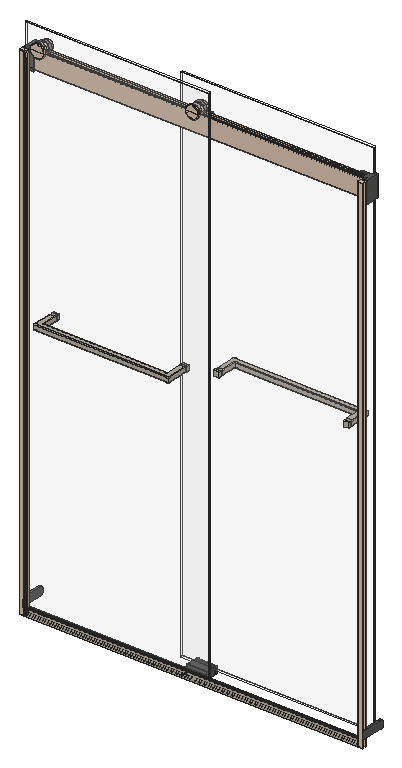
Revit family "Shower-Shower_Door-KOHLER-Levity-K-706016.rfa_", category Specialty Equipment, host Face, Revit 2021 (continued)
Definition of nested family "K-706016"
  Lines and regions (in)
    symbolic lines, detail levels medium+fine
      curve 173: line (-2.02087, 1.33205, 67.55906) -> (-2.02087, 1.33205, 70.22355)
      curve 174: line (-2.02087, 1.22832, 67.55906) -> (-2.02087, 1.33205, 67.55906)
      curve 175: line (-2.02087, 1.22832, 70.22355) -> (-2.02087, 1.22832, 67.55906)
      curve 176: line (-2.02087, 0.23248, 70.23047) -> (-2.02087, 0.10773, 70.23047)
      curve 177: line (-2.02087, 0.23248, 67.55906) -> (-2.02087, 0.23248, 70.23047)
      curve 178: line (-2.02087, 0.10773, 67.55906) -> (-2.02087, 0.23248, 67.55906)
      curve 179: line (-2.02087, 0.10773, 70.23047) -> (-2.02087, 0.10773, 67.55906)
      curve 180: circle (-2.02087, 0.93095, 69.3152) r 0.11756 normal (1, 0, 0)
      curve 181: circle (-2.02087, 0.53725, 69.3152) r 0.11756 normal (1, 0, 0)
      curve 182: circle (-2.02087, 0.93095, 68.31528) r 0.11756 normal (-1, 0, 0)
      curve 183: circle (-2.02087, 0.53725, 68.31528) r 0.11756 normal (-1, 0, 0)
      curve 184: line (-2.90799, -0.74244, 37.97244) -> (-2.90799, -0.61645, 37.97244)
      curve 185: line (-2.90799, -0.61645, 37.97244) -> (-2.8683, -0.57677, 37.97244)
      curve 186: line (-2.8683, -0.57677, 37.97244) -> (-2.63676, -0.57677, 37.97244)
      curve 187: line (-2.63676, -0.57677, 37.97244) -> (-2.63676, -0.28309, 37.97244)
      curve 188: line (-2.90799, -0.74244, 37.97244) -> (-2.86645, -0.78398, 37.97244)
      curve 189: line (-2.86645, -0.78398, 37.97244) -> (-1.13356, -0.78398, 37.97244)
      curve 190: line (-1.13356, -0.78398, 37.97244) -> (-1.09203, -0.74244, 37.97244)
      curve 191: line (-1.09203, -0.74244, 37.97244) -> (-1.09203, -0.61645, 37.97244)
      curve 192: line (-1.09203, -0.61645, 37.97244) -> (-1.13172, -0.57677, 37.97244)
      curve 193: line (-1.13172, -0.57677, 37.97244) -> (-1.36325, -0.57677, 37.97244)
      curve 194: line (-1.36325, -0.57677, 37.97244) -> (-1.36325, -0.28309, 37.97244)
      curve 195: line (-4.1561, -0.82744, 37.97244) -> (-4.1561, -0.28309, 37.97244)
      curve 196: line (-3.375, -0.82744, 37.97244) -> (-3.375, -0.28309, 37.97244)
      curve 197: line (-3.40531, 0.09791, 37.97244) -> (-3.40531, 0.35381, 37.97244)
      curve 198: line (-4.15531, 0.35381, 37.97244) -> (-2.54747, 0.35381, 37.97244)
      curve 199: line (-4.1561, 0.09791, 37.97244) -> (-0.30491, 0.09791, 37.97244)
      curve 200: line (-2.70976, 1.09186, 37.97244) -> (-2.70976, 0.80927, 37.97244)
      curve 201: line (-2.74431, 0.80927, 37.97244) -> (-1.2557, 0.80927, 37.97244)
      curve 202: line (-2.74431, 0.43352, 37.97244) -> (-1.2557, 0.43352, 37.97244)
      curve 203: line (-2.64297, 1.13445, 37.97244) -> (-1.35704, 1.13445, 37.97244)
      curve 204: line (-2.70976, 1.09186, 37.97244) -> (-2.67954, 1.12004, 37.97244)
      curve 205: arc (-2.67954, 1.12004, 37.97244) -> (-2.66262, 1.13072, 37.97244) -> (-2.64297, 1.13445, 37.97244) r 0.05361
      curve 206: arc (-2.74431, 0.43352, 37.97244) -> (-2.81499, 0.6214, 37.97244) -> (-2.74431, 0.80927, 37.97244) r 0.28503
      curve 207: line (-2.54747, 0.30805, 37.97244) -> (-2.54747, 0.43352, 37.97244)
      curve 208: line (-2.71085, 0.30805, 37.97244) -> (-2.71085, 0.09791, 37.97244)
      curve 209: line (-2.71085, 0.30805, 37.97244) -> (-1.28917, 0.30805, 37.97244)
      curve 210: line (-1.28917, 0.30805, 37.97244) -> (-1.28917, 0.09791, 37.97244)
      curve 211: line (-2.63676, -0.57677, 37.97244) -> (-1.36325, -0.57677, 37.97244)
      curve 212: line (-0.6065, 1.29674, 37.97244) -> (-0.86129, 1.29674, 37.97244)
      curve 213: line (-1.29025, 1.09186, 37.97244) -> (-1.29025, 0.80927, 37.97244)
      curve 214: arc (-1.2557, 0.80927, 37.97244) -> (-1.18475, 0.6214, 37.97244) -> (-1.2557, 0.43352, 37.97244) r 0.28421
      curve 215: line (-1.29025, 1.09186, 37.97244) -> (-1.32048, 1.12004, 37.97244)
      curve 216: arc (-1.32048, 1.12004, 37.97244) -> (-1.33739, 1.13072, 37.97244) -> (-1.35704, 1.13445, 37.97244) r 0.05361
      curve 217: line (-0.86129, -0.42534, 37.97244) -> (-0.86129, -0.28309, 37.97244)
      curve 218: line (-0.86129, 0.09791, 37.97244) -> (-0.86129, 0.35395, 37.97244)
      curve 219: line (-1.45195, 0.43352, 37.97244) -> (-1.45195, 0.30805, 37.97244)
      curve 220: line (-0.07208, -0.28309, 37.97244) -> (-0.01208, -0.22309, 37.97244)
      curve 221: line (-0.01208, -0.22309, 37.97244) -> (-0.01208, -0.13098, 37.97244)
      curve 222: line (-0.30491, 0.35395, 37.97244) -> (-1.45195, 0.35395, 37.97244)
      curve 223: line (-0.64587, 1.90776, 37.97244) -> (0.10688, 1.90776, 37.97244)
      curve 224: line (-0.65079, 1.52676, 37.97244) -> (0.10904, 1.52676, 37.97244)
      curve 225: arc (-0.59312, 0, 38.34646) -> (-0.62848, 0, 38.33181) -> (-0.64312, 0, 38.29646) r 0.05
      curve 226: line (-0.64312, 0, 38.29646) -> (-0.64312, 0, 37.64843)
      curve 227: arc (-0.64312, 0, 37.64843) -> (-0.62848, 0, 37.61307) -> (-0.59312, 0, 37.59843) r 0.05
      curve 228: line (-0.59312, 0, 37.59843) -> (0.05688, 0, 37.59843)
      curve 229: arc (0.05688, 0, 37.59843) -> (0.09223, 0, 37.61307) -> (0.10688, 0, 37.64843) r 0.05
      curve 230: line (0.10688, 0, 37.64843) -> (0.10688, 0, 38.29646)
      curve 231: arc (0.10688, 0, 38.29646) -> (0.09223, 0, 38.33181) -> (0.05688, 0, 38.34646) r 0.05
      curve 232: line (0.05688, 0, 38.34646) -> (-0.59312, 0, 38.34646)
      curve 233: line (-3.638, 1.29674, 37.97244) -> (-0.86129, 1.29674, 37.97244)
      curve 234: line (-2.67999, 2.20146, 37.97244) -> (-1.36176, 2.20146, 37.97244)
      curve 235: line (-2.67999, 1.90776, 37.97244) -> (-1.36176, 1.90776, 37.97244)
      curve 236: line (-2.73172, 1.52676, 37.97244) -> (-1.31003, 1.52676, 37.97244)
      curve 237: line (-2.56834, 1.33617, 37.97244) -> (-1.47341, 1.33617, 37.97244)
  Dimensions and locks (in)
    plane 4 to plane 5 "X" = 7.12598"
    "Walk Thru": plane 6 to plane 3 "Center (Left/Right)"
    locked: plane 6 to plane 7 at 0.73398
    plane 3 "Center (Left/Right)" to plane 8 = 25.80145"
    "Width": plane 8 to plane 7
    locked: plane 10 to plane 9 at 0.74803
    locked: plane 10 to plane 11 "A" at 0.37402
    plane 9 to level = 37.59843"
    plane 12 to level = 73.58268"
    plane 13 to level = 67.55906"
    locked: plane 14 to plane 13 at 2.55906
    locked: plane 19 "Slider4" to plane 6 at 1.58387
    locked: plane 18 "Slider3" to plane 19 "Slider4" at 21.5
    plane 22 to plane 23 = 18 3/4"
    locked: plane 24 to plane 25 at 18
    locked: plane 25 to plane 19 "Slider4" at 1.75
    locked: plane 27 to plane 26 at 18.75
    locked: plane 26 to plane 19 "Slider4" at 1.375
    locked: plane 7 to plane 28 at 0.32364
    locked: plane 32 to plane 8 at 0.46482
    Masking region 5 sketch curve to plane 18 "Slider3" to Masking region 5 sketch curve = 0.93566" locked, 0.93566" locked
    Masking region 5 sketch curve to plane 18 "Slider3" to Masking region 5 sketch curve = 0.71084" locked, 0.71084" locked
    locked: Masking region 5 sketch curve to plane 18 "Slider3" at 3.41759
    locked: plane 34 to plane 28 at 26.9118
    locked: Masking region 5 sketch curve to Masking region 5 sketch curve at 0.74803
    locked: Masking region 5 sketch curve to Masking region 5 sketch curve at 0.75982
    plane 8 to Extrusion 10 to Masking region 4 sketch curve = 22.16345" locked, 2.77671" locked
    locked: Masking region 4 sketch curve to Masking region 4 sketch curve at 0.7811
    aligned and locked: plane 2 to level
    aligned and locked: plane 28 to Extrusion 3
    aligned and locked: Revolve 7 sketch curve to plane 16 "Slider1"
    aligned and locked: plane 16 "Slider1" to Revolve 7 sketch curve
    aligned and locked: plane 17 "Slider2" to Revolve 8 sketch curve
    aligned and locked: Revolve 8 sketch curve to plane 17 "Slider2"
    aligned and locked: plane 28 to Extrusion 9
    aligned and locked: plane 7 to Extrusion 14 sketch curve  (x2)
    aligned and locked: Extrusion 15 sketch curve to plane 7
    aligned and locked: plane 7 to Extrusion 16 sketch curve
    aligned and locked: Extrusion 17 to plane 7
    aligned and locked: Extrusion 17 to plane 28
    aligned and locked: Masking region 2 sketch curve to plane 3 "Center (Left/Right)"
    aligned and locked: Masking region 2 sketch curve to plane 28  (x2)
    aligned and locked: Masking region 2 sketch curve to plane 7
    aligned and locked: Masking region 4 sketch curve to plane 7
    aligned and locked: plane 28 to Extrusion 19
    aligned and locked: Extrusion 19 to plane 32
    aligned and locked: Extrusion 20 to plane 32
    aligned and locked: plane 28 to Extrusion 20
    aligned and locked: Sweep 21 sketch curve to plane 22
    aligned and locked: Sweep 22 sketch curve to plane 27
    aligned and locked: Sweep 22 sketch curve to plane 26
    aligned and locked: plane 33 to Sweep 22 sketch curve
    aligned and locked: Masking region 5 sketch curve to Masking region 5 sketch curve  (x4)
    aligned and locked: plane 21 to Extrusion 24 sketch curve
    aligned and locked: plane 19 "Slider4" to Extrusion 24 sketch curve
  Automatic sketch dimensions
    plane 8 to Extrusion 1 sketch curve = 0.00797"
    Extrusion 1 sketch curve to Extrusion 1 sketch curve = 0.00029"
    Extrusion 1 sketch curve to Extrusion 1 sketch curve = 0.00617"
    Extrusion 1 sketch curve to Extrusion 1 sketch curve = 0.00645"
    Extrusion 1 sketch curve to Extrusion 1 sketch curve = 0.03863"
    Extrusion 1 sketch curve to Extrusion 1 sketch curve = 0.01479"
    Extrusion 1 sketch curve to Extrusion 1 sketch curve = 0.00249"
    Extrusion 1 sketch curve to Extrusion 1 sketch curve = 0.058"
    Extrusion 1 sketch curve to Extrusion 1 sketch curve = 0.0005"
    Extrusion 1 sketch curve to Extrusion 1 sketch curve = 0.11393"
    Extrusion 1 sketch curve to Extrusion 1 sketch curve = 0.11787"
    Extrusion 1 sketch curve to Extrusion 1 sketch curve = 0.02161"
    Extrusion 1 sketch curve to Extrusion 1 sketch curve = 0.01991"
    Extrusion 1 sketch curve to Extrusion 1 sketch curve = 0.02226"
    Extrusion 1 sketch curve to Extrusion 1 sketch curve = 0.06241"
    Extrusion 1 sketch curve to Extrusion 1 sketch curve = 0.06335"  (x2)
    Extrusion 1 sketch curve to Extrusion 1 sketch curve = 0.00062"
    Extrusion 1 sketch curve to Extrusion 1 sketch curve = 0.00011"
    Extrusion 1 sketch curve to Extrusion 1 sketch curve = 0.02239"  (x2)
    plane 1 "Center (Front/Back)" to Extrusion 1 sketch curve = 0.35872"
    Extrusion 1 sketch curve to Extrusion 1 sketch curve = 0.11246"
    Extrusion 1 sketch curve to Extrusion 1 sketch curve = 0.13589"
    Extrusion 1 sketch curve to Extrusion 1 sketch curve = 0.04857"
    Extrusion 1 sketch curve to Extrusion 1 sketch curve = 0.04984"
    Extrusion 1 sketch curve to Extrusion 1 sketch curve = 0.00647"
    plane 1 "Center (Front/Back)" to Extrusion 1 sketch curve = 0.38494"
    Extrusion 1 sketch curve to Extrusion 1 sketch curve = 0.00638"
    plane 1 "Center (Front/Back)" to Extrusion 1 sketch curve = 0.30462"
    Extrusion 1 sketch curve to Extrusion 1 sketch curve = 0.12288"
    Extrusion 1 sketch curve to Extrusion 1 sketch curve = 0.00238"
    Extrusion 1 sketch curve to Extrusion 1 sketch curve = 0.12684"
    Extrusion 1 sketch curve to Extrusion 1 sketch curve = 0.00269"
    Extrusion 1 sketch curve to Extrusion 1 sketch curve = 0.01419"
    Extrusion 1 sketch curve to Extrusion 1 sketch curve = 0.00678"
    Extrusion 1 sketch curve to Extrusion 1 sketch curve = 0.05475"
    Extrusion 1 sketch curve to Extrusion 1 sketch curve = 0.05479"
    Extrusion 1 sketch curve to Extrusion 1 sketch curve = 0.02879"
    Extrusion 1 sketch curve to Extrusion 1 sketch curve = 0.00618"
    Extrusion 1 sketch curve to Extrusion 1 sketch curve = 0.36788"
    Extrusion 1 sketch curve to Extrusion 1 sketch curve = 0.02011"
    Extrusion 1 sketch curve to Extrusion 1 sketch curve = 0.00895"
    Extrusion 1 sketch curve to Extrusion 1 sketch curve = 0.00195"
    Extrusion 1 sketch curve to Extrusion 1 sketch curve = 0.01471"
    Extrusion 1 sketch curve to Extrusion 1 sketch curve = 0.01476"
    Extrusion 1 sketch curve to Extrusion 1 sketch curve = 0.02476"
    Extrusion 1 sketch curve to Extrusion 1 sketch curve = 0.05487"
    Extrusion 1 sketch curve to Extrusion 1 sketch curve = 0.01045"
    Extrusion 1 sketch curve to Extrusion 1 sketch curve = 0.01877"
    Extrusion 1 sketch curve to Extrusion 1 sketch curve = 0.01407"
    Extrusion 1 sketch curve to Extrusion 1 sketch curve = 0.02954"
    Extrusion 1 sketch curve to Extrusion 1 sketch curve = 0.05501"
    Extrusion 1 sketch curve to Extrusion 1 sketch curve = 0.01697"
    plane 8 to Extrusion 2 sketch curve = 0.00038"
    Extrusion 2 sketch curve to Extrusion 2 sketch curve = 0.03834"
    Extrusion 2 sketch curve to Extrusion 2 sketch curve = 0.0385"
    Extrusion 2 sketch curve to Extrusion 2 sketch curve = 0.00103"
    Extrusion 2 sketch curve to Extrusion 2 sketch curve = 0.03938"
    Extrusion 2 sketch curve to Extrusion 2 sketch curve = 0.60391"
    Extrusion 2 sketch curve to Extrusion 2 sketch curve = 0.00238"
    Extrusion 2 sketch curve to Extrusion 2 sketch curve = 0.00153"
    Extrusion 2 sketch curve to Extrusion 2 sketch curve = 0.00269"
    Extrusion 2 sketch curve to Extrusion 2 sketch curve = 0.10277"
    plane 1 "Center (Front/Back)" to Extrusion 2 sketch curve = 0.93567"
    Extrusion 2 sketch curve to Extrusion 2 sketch curve = 0.01593"
    Extrusion 2 sketch curve to Extrusion 2 sketch curve = 0.42135"
    Extrusion 2 sketch curve to Extrusion 2 sketch curve = 0.52294"
    Extrusion 3 sketch curve to level = 0"  (x2)
    Extrusion 3 sketch curve to level = 0.42599"
    plane 5 "X" to Extrusion 3 sketch curve = 1.87835"
    Extrusion 3 sketch curve to Extrusion 3 sketch curve = 0.02675"
    Extrusion 3 sketch curve to Extrusion 3 sketch curve = 0.0293"
    Extrusion 3 sketch curve to level = 0.01209"
    Extrusion 3 sketch curve to Extrusion 3 sketch curve = 0.02658"
    Extrusion 3 sketch curve to Extrusion 3 sketch curve = 0.0509"
    Extrusion 3 sketch curve to Extrusion 3 sketch curve = 0.00248"
    Extrusion 3 sketch curve to Extrusion 3 sketch curve = 0.00712"
    level to Extrusion 3 sketch curve = 0.01882"
    Extrusion 3 sketch curve to Extrusion 3 sketch curve = 0.04012"
    Extrusion 3 sketch curve to Extrusion 3 sketch curve = 0.01257"
    Extrusion 3 sketch curve to Extrusion 3 sketch curve = 0.02457"
    Extrusion 3 sketch curve to Extrusion 3 sketch curve = 0.07255"
    Extrusion 3 sketch curve to Extrusion 3 sketch curve = 0.04894"
    Extrusion 3 sketch curve to Extrusion 3 sketch curve = 0.08606"
    Extrusion 3 sketch curve to Extrusion 3 sketch curve = 0.04991"
    level to Extrusion 3 sketch curve = 0.04325"
    Extrusion 3 sketch curve to Extrusion 3 sketch curve = 0.07661"
    Extrusion 3 sketch curve to Extrusion 3 sketch curve = 0.10128"
    Extrusion 3 sketch curve to Extrusion 3 sketch curve = 0.00383"
    Extrusion 3 sketch curve to Extrusion 3 sketch curve = 0.01042"
    Extrusion 3 sketch curve to Extrusion 3 sketch curve = 0.05374"
    Extrusion 3 sketch curve to Extrusion 3 sketch curve = 0.00009"
    level to Extrusion 3 sketch curve = 0.01948"
    Extrusion 3 sketch curve to Extrusion 3 sketch curve = 0.03247"
    Extrusion 3 sketch curve to Extrusion 3 sketch curve = 0.06391"
    Extrusion 3 sketch curve to Extrusion 3 sketch curve = 0.0874"
    Extrusion 3 sketch curve to Extrusion 3 sketch curve = 0.00146"  (x2)
    level to Extrusion 3 sketch curve = 0.43167"
    Extrusion 3 sketch curve to Extrusion 3 sketch curve = 0.0183"
    Extrusion 3 sketch curve to Extrusion 3 sketch curve = 0.09236"
    Extrusion 3 sketch curve to Extrusion 3 sketch curve = 0.00017"
    Extrusion 3 sketch curve to Extrusion 3 sketch curve = 0.00612"
    Extrusion 3 sketch curve to Extrusion 3 sketch curve = 0.03416"
    Extrusion 3 sketch curve to Extrusion 3 sketch curve = 0.00971"
    Extrusion 3 sketch curve to Extrusion 3 sketch curve = 0.11533"
    Extrusion 3 sketch curve to Extrusion 3 sketch curve = 0.05488"
    level to Extrusion 3 sketch curve = 0.30194"
    Extrusion 3 sketch curve to Extrusion 3 sketch curve = 0.02299"
    Extrusion 3 sketch curve to Extrusion 3 sketch curve = 0.03031"
    Extrusion 3 sketch curve to Extrusion 3 sketch curve = 0.02854"
    level to Extrusion 3 sketch curve = 0.07617"
    Extrusion 3 sketch curve to Extrusion 3 sketch curve = 0.32298"
    Extrusion 3 sketch curve to Extrusion 3 sketch curve = 0.02136"
    Extrusion 3 sketch curve to Extrusion 3 sketch curve = 0.12996"
    Extrusion 3 sketch curve to Extrusion 3 sketch curve = 0.04273"
    Extrusion 3 sketch curve to Extrusion 3 sketch curve = 0.07691"
    Extrusion 3 sketch curve to Extrusion 3 sketch curve = 0.01585"
    Extrusion 3 sketch curve to Extrusion 3 sketch curve = 0.05121"
    Extrusion 3 sketch curve to Extrusion 3 sketch curve = 0.01069"
    Extrusion 3 sketch curve to Extrusion 3 sketch curve = 0.0014"
    Extrusion 3 sketch curve to Extrusion 3 sketch curve = 0.01314"
    Extrusion 3 sketch curve to Extrusion 3 sketch curve = 0.10024"
    Extrusion 3 sketch curve to Extrusion 3 sketch curve = 0.00018"
    Extrusion 3 sketch curve to Extrusion 3 sketch curve = 0.00078"
    Extrusion 3 sketch curve to Extrusion 3 sketch curve = 0.37921"
    Extrusion 3 sketch curve to Extrusion 3 sketch curve = 0.00381"  (x2)
    Extrusion 3 sketch curve to Extrusion 3 sketch curve = 0.05211"
    Extrusion 3 sketch curve to Extrusion 3 sketch curve = 0.00122"
    Extrusion 3 sketch curve to Extrusion 3 sketch curve = 0.04301"
    Extrusion 3 sketch curve to Extrusion 3 sketch curve = 0.03323"
    Extrusion 3 sketch curve to Extrusion 3 sketch curve = 0.01823"
    Extrusion 3 sketch curve to Extrusion 3 sketch curve = 0.01301"
    Extrusion 3 sketch curve to Extrusion 3 sketch curve = 0.00265"
    Extrusion 3 sketch curve to Extrusion 3 sketch curve = 0.01922"
    Extrusion 3 sketch curve to Extrusion 3 sketch curve = 0.01632"
    Extrusion 3 sketch curve to Extrusion 3 sketch curve = 0.01145"
    Extrusion 3 sketch curve to Extrusion 3 sketch curve = 0"  (x4)
    level to Extrusion 3 sketch curve = 0.06217"
    Extrusion 3 sketch curve to Extrusion 3 sketch curve = 0.03392"
    plane 8 to Extrusion 4 sketch curve = 0"
    Extrusion 4 sketch curve to Extrusion 4 sketch curve = 0.02216"
    plane 1 "Center (Front/Back)" to Extrusion 4 sketch curve = 0.31808"
    Extrusion 4 sketch curve to Extrusion 4 sketch curve = 0.0385"
    Extrusion 4 sketch curve to Extrusion 4 sketch curve = 0.03938"
    plane 1 "Center (Front/Back)" to Extrusion 4 sketch curve = 0.27836"
    Extrusion 4 sketch curve to Extrusion 4 sketch curve = 0.24759"
    plane 1 "Center (Front/Back)" to Extrusion 4 sketch curve = 0.31255"
    Extrusion 4 sketch curve to Extrusion 4 sketch curve = 0.00076"
    Extrusion 4 sketch curve to Extrusion 4 sketch curve = 0.27807"
    Extrusion 4 sketch curve to Extrusion 4 sketch curve = 0.00042"
    Extrusion 4 sketch curve to Extrusion 4 sketch curve = 0.02069"  (x2)
    Extrusion 4 sketch curve to Extrusion 4 sketch curve = 0.00037"
    Extrusion 4 sketch curve to plane 1 "Center (Front/Back)" = 0.26047"
    Extrusion 4 sketch curve to Extrusion 4 sketch curve = 0.02476"
    Extrusion 4 sketch curve to Extrusion 4 sketch curve = 0.00044"  (x3)
    Extrusion 4 sketch curve to Extrusion 4 sketch curve = 0.62367"
    Extrusion 4 sketch curve to Extrusion 4 sketch curve = 0.62024"
    Extrusion 4 sketch curve to plane 1 "Center (Front/Back)" = 0.2713"
    Extrusion 4 sketch curve to Extrusion 4 sketch curve = 0.02522"
    Extrusion 4 sketch curve to Extrusion 4 sketch curve = 1.07552"
    Extrusion 4 sketch curve to Extrusion 4 sketch curve = 0.01089"
    Extrusion 4 sketch curve to Extrusion 4 sketch curve = 0.32905"
    Extrusion 4 sketch curve to Extrusion 4 sketch curve = 0.00411"
    plane 1 "Center (Front/Back)" to Extrusion 5 sketch curve = 0.8798"
    Extrusion 5 sketch curve to plane 4 = 2.09168"
    Extrusion 5 sketch curve to plane 4 = 2.09154"
    Extrusion 5 sketch curve to Extrusion 5 sketch curve = 1/4"
    level to Extrusion 5 sketch curve = 1.05703"
    level to Extrusion 5 sketch curve = 1.88106"
    plane 5 "X" to Extrusion 9 sketch curve = 3.08635"
    Extrusion 9 sketch curve to Extrusion 9 sketch curve = 0.01963"
    Extrusion 9 sketch curve to Extrusion 9 sketch curve = 0.02424"
    Extrusion 9 sketch curve to Extrusion 9 sketch curve = 0.04665"
    Extrusion 9 sketch curve to Extrusion 9 sketch curve = 0.05546"
    Extrusion 9 sketch curve to plane 14 = 0.11021"
    Extrusion 9 sketch curve to Extrusion 9 sketch curve = 0.02001"
    Extrusion 9 sketch curve to Extrusion 9 sketch curve = 0.03466"
    Extrusion 9 sketch curve to Extrusion 9 sketch curve = 0.02183"
    Extrusion 9 sketch curve to Extrusion 9 sketch curve = 0.00923"
    Extrusion 9 sketch curve to Extrusion 9 sketch curve = 0.14228"
    Extrusion 9 sketch curve to Extrusion 9 sketch curve = 0.01647"
    Extrusion 9 sketch curve to Extrusion 9 sketch curve = 0.03021"
    Extrusion 9 sketch curve to Extrusion 9 sketch curve = 0.07613"
    Extrusion 9 sketch curve to Extrusion 9 sketch curve = 0.06043"
    Extrusion 9 sketch curve to Extrusion 9 sketch curve = 0.02423"
    Extrusion 9 sketch curve to Extrusion 9 sketch curve = 0.06315"
    Extrusion 9 sketch curve to Extrusion 9 sketch curve = 0.09811"
    Extrusion 9 sketch curve to Extrusion 9 sketch curve = 0.04085"
    Extrusion 9 sketch curve to Extrusion 9 sketch curve = 0.14738"
    Extrusion 9 sketch curve to Extrusion 9 sketch curve = 0.00728"
    Extrusion 9 sketch curve to Extrusion 9 sketch curve = 0.10724"
    Extrusion 9 sketch curve to Extrusion 9 sketch curve = 0.01723"
    Extrusion 9 sketch curve to Extrusion 9 sketch curve = 0.01638"  (x2)
    plane 13 to Extrusion 9 sketch curve = 0.31532"
    Extrusion 9 sketch curve to Extrusion 9 sketch curve = 0.00718"
    Extrusion 9 sketch curve to Extrusion 9 sketch curve = 0.08365"
    Extrusion 9 sketch curve to Extrusion 9 sketch curve = 35/256"
    Extrusion 9 sketch curve to Extrusion 9 sketch curve = 0.16877"
    Extrusion 9 sketch curve to Extrusion 9 sketch curve = 1/32"
    Extrusion 9 sketch curve to Extrusion 9 sketch curve = 0.06903"
    Extrusion 9 sketch curve to Extrusion 9 sketch curve = 0.00548"
    Extrusion 9 sketch curve to Extrusion 9 sketch curve = 0.03456"
    Extrusion 9 sketch curve to Extrusion 9 sketch curve = 0.02189"
    Extrusion 9 sketch curve to Extrusion 9 sketch curve = 0.00191"
    Extrusion 9 sketch curve to Extrusion 9 sketch curve = 0.02463"
    Extrusion 9 sketch curve to Extrusion 9 sketch curve = 0.04453"
    Extrusion 9 sketch curve to Extrusion 9 sketch curve = 0.01516"
    Extrusion 9 sketch curve to Extrusion 9 sketch curve = 0.00216"
    Extrusion 9 sketch curve to Extrusion 9 sketch curve = 0.00189"
    Extrusion 9 sketch curve to Extrusion 9 sketch curve = 0.02483"
    Extrusion 9 sketch curve to Extrusion 9 sketch curve = 0.05772"
    Extrusion 9 sketch curve to Extrusion 9 sketch curve = 0.19043"
    Extrusion 9 sketch curve to Extrusion 9 sketch curve = 0.01553"
    Extrusion 9 sketch curve to Extrusion 9 sketch curve = 0.09702"
    plane 5 "X" to Extrusion 9 sketch curve = 3.98354"
    Extrusion 9 sketch curve to Extrusion 9 sketch curve = 0.04256"
    Extrusion 9 sketch curve to Extrusion 9 sketch curve = 0.08846"
    Extrusion 9 sketch curve to Extrusion 9 sketch curve = 0.04951"
    Extrusion 9 sketch curve to Extrusion 9 sketch curve = 0.08607"
    Extrusion 9 sketch curve to Extrusion 9 sketch curve = 0.05687"
    Extrusion 9 sketch curve to Extrusion 9 sketch curve = 0.08904"
    Extrusion 9 sketch curve to Extrusion 9 sketch curve = 0.08249"
    Extrusion 9 sketch curve to Extrusion 9 sketch curve = 0.05633"
    plane 13 to Extrusion 9 sketch curve = 0.31962"
    Extrusion 9 sketch curve to Extrusion 9 sketch curve = 0.00568"
    Extrusion 9 sketch curve to Extrusion 9 sketch curve = 0.38322"
    Extrusion 9 sketch curve to Extrusion 9 sketch curve = 0.09241"
    Extrusion 9 sketch curve to Extrusion 9 sketch curve = 0"
    Extrusion 9 sketch curve to Extrusion 9 sketch curve = 0.01363"
    Extrusion 9 sketch curve to Extrusion 9 sketch curve = 0.0686"
    Extrusion 9 sketch curve to Extrusion 9 sketch curve = 0.06318"
    Extrusion 9 sketch curve to Extrusion 9 sketch curve = 0.04057"
    Extrusion 9 sketch curve to Extrusion 9 sketch curve = 0.05917"
    Extrusion 9 sketch curve to Extrusion 9 sketch curve = 0.05593"
    Extrusion 9 sketch curve to Extrusion 9 sketch curve = 0.11979"
    Extrusion 9 sketch curve to Extrusion 9 sketch curve = 0.00996"
    Extrusion 9 sketch curve to Extrusion 9 sketch curve = 0.01379"
    Extrusion 9 sketch curve to Extrusion 9 sketch curve = 0.0623"
    Extrusion 9 sketch curve to Extrusion 9 sketch curve = 0.12838"
    Extrusion 9 sketch curve to Extrusion 9 sketch curve = 0.03214"
    Extrusion 9 sketch curve to Extrusion 9 sketch curve = 1/256"
    Extrusion 9 sketch curve to Extrusion 9 sketch curve = 0.0462"
    Extrusion 9 sketch curve to Extrusion 9 sketch curve = 0.06479"
    Extrusion 9 sketch curve to Extrusion 9 sketch curve = 0.03783"
    Extrusion 9 sketch curve to Extrusion 9 sketch curve = 0.05916"
    Extrusion 9 sketch curve to Extrusion 9 sketch curve = 0.02232"
    plane 5 "X" to Extrusion 10 sketch curve = 2.18199"
    Extrusion 10 sketch curve to Extrusion 10 sketch curve = 0.0767"
    Extrusion 10 sketch curve to Extrusion 10 sketch curve = 0.02056"
    Extrusion 10 sketch curve to Extrusion 10 sketch curve = 0.02408"
    plane 5 "X" to Extrusion 10 sketch curve = 2.30904"
    Extrusion 10 sketch curve to Extrusion 10 sketch curve = 0.03427"
    level to Extrusion 10 sketch curve = 0.15967"
    Extrusion 10 sketch curve to Extrusion 10 sketch curve = 0.30872"
    Extrusion 10 sketch curve to Extrusion 10 sketch curve = 0.03183"
    Extrusion 10 sketch curve to Extrusion 10 sketch curve = 0.05334"
    Extrusion 10 sketch curve to Extrusion 10 sketch curve = 0.34849"
    Extrusion 10 sketch curve to Extrusion 10 sketch curve = 0.02193"  (x2)
    level to Extrusion 10 sketch curve = 0.22694"
    Extrusion 10 sketch curve to Extrusion 10 sketch curve = 0.05176"
    Extrusion 10 sketch curve to Extrusion 10 sketch curve = 0.08972"
    level to Extrusion 10 sketch curve = 0.13878"
    Extrusion 10 sketch curve to Extrusion 10 sketch curve = 0.19027"
    level to Extrusion 10 sketch curve = 0.21622"
    Extrusion 10 sketch curve to Extrusion 10 sketch curve = 0.0816"
    Extrusion 10 sketch curve to Extrusion 10 sketch curve = 0.41652"
    Extrusion 10 sketch curve to Extrusion 10 sketch curve = 0.05027"
    Extrusion 10 sketch curve to Extrusion 10 sketch curve = 0.03646"
    plane 5 "X" to Extrusion 10 sketch curve = 3.24368"
    Extrusion 10 sketch curve to plane 1 "Center (Front/Back)" = 1.42385"
    Extrusion 10 sketch curve to Extrusion 10 sketch curve = 0.02731"
    Extrusion 10 sketch curve to Extrusion 10 sketch curve = 0.04913"
    Extrusion 10 sketch curve to Extrusion 10 sketch curve = 0.02106"
    level to Extrusion 10 sketch curve = 0.2198"
    Extrusion 10 sketch curve to plane 1 "Center (Front/Back)" = 1.56381"
    Extrusion 10 sketch curve to Extrusion 10 sketch curve = 0.08411"
    Extrusion 10 sketch curve to Extrusion 10 sketch curve = 0.19426"
    Extrusion 10 sketch curve to Extrusion 10 sketch curve = 0.08188"
    Extrusion 10 sketch curve to plane 1 "Center (Front/Back)" = 1.93836"
    Extrusion 10 sketch curve to Extrusion 10 sketch curve = 0.02637"
    Extrusion 10 sketch curve to plane 1 "Center (Front/Back)" = 2 23/256"
    Extrusion 10 sketch curve to Extrusion 10 sketch curve = 0.02645"
    Extrusion 10 sketch curve to level = 0"
    Extrusion 10 sketch curve to plane 1 "Center (Front/Back)" = 2.17082"
    level to Extrusion 10 sketch curve = 0.0926"
    level to Extrusion 10 sketch curve = 0.13999"
    Extrusion 10 sketch curve to Extrusion 10 sketch curve = 0.08047"
    Extrusion 10 sketch curve to Extrusion 10 sketch curve = 0.1279"
    Extrusion 10 sketch curve to Extrusion 10 sketch curve = 0.00854"
    Extrusion 10 sketch curve to Extrusion 10 sketch curve = 0.02484"
    Extrusion 10 sketch curve to Extrusion 10 sketch curve = 0.0289"
    Extrusion 10 sketch curve to Extrusion 10 sketch curve = 0.53755"
    Extrusion 10 sketch curve to Extrusion 10 sketch curve = 0.00035"
    Extrusion 10 sketch curve to Extrusion 10 sketch curve = 0.14019"
    Extrusion 10 sketch curve to Extrusion 10 sketch curve = 0.80916"
    Extrusion 10 sketch curve to Extrusion 10 sketch curve = 0.0011"
    Extrusion 10 sketch curve to Extrusion 10 sketch curve = 0.01903"
    Extrusion 10 sketch curve to Extrusion 10 sketch curve = 0.00889"
    Extrusion 10 sketch curve to Extrusion 10 sketch curve = 0.00011"
    Extrusion 10 sketch curve to Extrusion 10 sketch curve = 0.00046"
    Extrusion 10 sketch curve to Extrusion 10 sketch curve = 3.15459"
    Extrusion 10 sketch curve to Extrusion 10 sketch curve = 0.02757"
    Extrusion 15 sketch curve to plane 6 = 0.08991"
    plane 1 "Center (Front/Back)" to Extrusion 15 sketch curve = 0.2995"
    Extrusion 15 sketch curve to Extrusion 15 sketch curve = 0.6327"
    Extrusion 15 sketch curve to plane 6 = 0"
    Extrusion 15 sketch curve to Extrusion 15 sketch curve = 0.08976"
    plane 1 "Center (Front/Back)" to Extrusion 17 sketch curve = 0.8798"
    level to Extrusion 17 sketch curve = 1.05703"
    Extrusion 17 sketch curve to plane 4 = 2.09168"
    Extrusion 17 sketch curve to Extrusion 17 sketch curve = 0.00013"
    Extrusion 17 sketch curve to Extrusion 17 sketch curve = 1/4"
    Extrusion 17 sketch curve to Extrusion 17 sketch curve = 0.57403"
    Masking region 2 sketch curve to plane 12 = 0"
    plane 14 to Masking region 2 sketch curve = 0.21256"
    level to Masking region 2 sketch curve = 0.07617"
    Masking region 2 sketch curve to level = 0"
    Masking region 2 sketch curve to Masking region 2 sketch curve = 0.2874"
    Masking region 2 sketch curve to Masking region 2 sketch curve = 0.96579"
    plane 8 to Masking region 2 sketch curve = 0.46482"
    Masking region 2 sketch curve to Masking region 2 sketch curve = 0.07617"
    Masking region 1 sketch curve to plane 3 "Center (Left/Right)" = 0"
    Masking region 1 sketch curve to plane 12 = 0"
    Masking region 1 sketch curve to plane 8 = 0"
    plane 8 to Masking region 1 sketch curve = 0.75222"
    plane 8 to Masking region 1 sketch curve = 0.30138"
    plane 14 to Masking region 1 sketch curve = 0.22113"
    level to Masking region 1 sketch curve = 1.04196"
    level to Masking region 1 sketch curve = 0.07617"
    Extrusion 14 sketch curve to plane 6 = 0"
    Extrusion 14 sketch curve to plane 6 = 0.08991"
    Extrusion 14 sketch curve to Extrusion 14 sketch curve = 0.08976"
    Extrusion 14 sketch curve to Extrusion 14 sketch curve = 0.02506"
    plane 1 "Center (Front/Back)" to Extrusion 14 sketch curve = 0.2995"
    Extrusion 14 sketch curve to Extrusion 14 sketch curve = 0.01117"
    Extrusion 14 sketch curve to Extrusion 14 sketch curve = 0.45303"
    Extrusion 14 sketch curve to Extrusion 14 sketch curve = 0.07874"
    plane 8 to Extrusion 18 sketch curve = 0.75178"
    plane 8 to Extrusion 18 sketch curve = 0"
    plane 1 "Center (Front/Back)" to Extrusion 18 sketch curve = 0.29537"
    Extrusion 18 sketch curve to Extrusion 18 sketch curve = 0.63321"
    Extrusion 19 sketch curve to level = 0"
    level to Extrusion 19 sketch curve = 0.07617"
    Extrusion 19 sketch curve to Extrusion 19 sketch curve = 1.04196"
    plane 1 "Center (Front/Back)" to Extrusion 19 sketch curve = 0.13441"
    Extrusion 19 sketch curve to Extrusion 19 sketch curve = 0.29353"
    Extrusion 19 sketch curve to Extrusion 19 sketch curve = 0.3995"
    Extrusion 20 sketch curve to plane 13 = 0"
    Extrusion 20 sketch curve to plane 14 = 0"
    Extrusion 20 sketch curve to plane 1 "Center (Front/Back)" = 1.29674"
    Extrusion 20 sketch curve to plane 1 "Center (Front/Back)" = 0.35381"
    Sweep 21 sketch curve to plane 23 = 0"
    Sweep 21 sketch curve to plane 5 "X" = 0.32938"
    Sweep 21 sketch curve to plane 1 "Center (Front/Back)" = 0.35381"  (x2)
    Extrusion 23 sketch curve to plane 22 = 0.39503"
    plane 23 to Extrusion 23 sketch curve = 0.30616"
    Extrusion 23 sketch curve to plane 1 "Center (Front/Back)" = 0.09791"
    plane 1 "Center (Front/Back)" to Extrusion 23 sketch curve = 0.28309"
    plane 31 to Extrusion 24 sketch curve = 0.12131"
    Extrusion 24 sketch curve to plane 31 = 0.25969"
    plane 31 to Sweep 22 sketch curve = 0.35134"  (x2)
    plane 29 to Revolve 12 sketch curve = 0"  (x2)
    Revolve 12 sketch curve to plane 29 = 0.09308"
    Revolve 12 sketch curve to plane 29 = 0.52573"
    Revolve 12 sketch curve to Revolve 12 sketch curve = 0.02173"
    Revolve 12 sketch curve to Revolve 12 sketch curve = 0.12189"
    Revolve 12 sketch curve to Revolve 12 sketch curve = 0.56604"
    Revolve 12 sketch curve to Revolve 12 sketch curve = 0.02902"
    Revolve 12 sketch curve to Revolve 12 sketch curve = 0.03311"
    plane 31 to Revolve 12 sketch curve = 0.12131"
    Revolve 12 sketch curve to Revolve 12 sketch curve = 0.16338"
    Revolve 12 sketch curve to Revolve 12 sketch curve = 0.03346"
    Revolve 12 sketch curve to Revolve 12 sketch curve = 0.03455"
    Revolve 12 sketch curve to plane 30 = 0.14309"
    Revolve 12 sketch curve to Revolve 12 sketch curve = 0.23502"
    Revolve 12 sketch curve to Revolve 12 sketch curve = 0.00185"
    Revolve 12 sketch curve to plane 30 = 0.18463"
    Revolve 12 sketch curve to Revolve 12 sketch curve = 0.04153"
    Revolve 12 sketch curve to Revolve 12 sketch curve = 0.12599"
    Revolve 12 sketch curve to Revolve 12 sketch curve = 0.03969"
    Revolve 12 sketch curve to plane 31 = 0.25969"
    Revolve 12 sketch curve to Revolve 12 sketch curve = 0.19059"
    Revolve 12 sketch curve to Revolve 12 sketch curve = 0.12547"
    Revolve 12 sketch curve to Revolve 12 sketch curve = 0.18787"
    Revolve 12 sketch curve to Revolve 12 sketch curve = 0.28233"
    Revolve 12 sketch curve to Revolve 12 sketch curve = 0.00025"
    Revolve 12 sketch curve to Revolve 12 sketch curve = 0.03112"
    plane 30 to Revolve 12 sketch curve = 0.04386"
    Revolve 12 sketch curve to Revolve 12 sketch curve = 0.51082"
    plane 29 to Revolve 11 sketch curve = 0"  (x2)
    Revolve 11 sketch curve to plane 29 = 0.09308"
    Revolve 11 sketch curve to plane 29 = 0.52573"
    Revolve 11 sketch curve to Revolve 11 sketch curve = 0.02173"
    Revolve 11 sketch curve to Revolve 11 sketch curve = 0.12189"
    Revolve 11 sketch curve to Revolve 11 sketch curve = 0.56604"
    Revolve 11 sketch curve to Revolve 11 sketch curve = 0.02902"
    Revolve 11 sketch curve to Revolve 11 sketch curve = 0.18402"
    Revolve 11 sketch curve to Revolve 11 sketch curve = 0.16338"
    Revolve 11 sketch curve to Revolve 11 sketch curve = 0.03455"
    Revolve 11 sketch curve to Revolve 11 sketch curve = 0.03346"
    Revolve 11 sketch curve to plane 30 = 0.14309"
    Revolve 11 sketch curve to Revolve 11 sketch curve = 0.23502"
    Revolve 11 sketch curve to Revolve 11 sketch curve = 0.00185"
    Revolve 11 sketch curve to plane 30 = 0.18463"
    Revolve 11 sketch curve to Revolve 11 sketch curve = 0.04153"
    Revolve 11 sketch curve to Revolve 11 sketch curve = 0.12599"
    Revolve 11 sketch curve to Revolve 11 sketch curve = 0.03969"
    Revolve 11 sketch curve to plane 31 = 0.25969"
    plane 31 to Revolve 11 sketch curve = 0.12131"
    Revolve 11 sketch curve to Revolve 11 sketch curve = 0.19059"
    Revolve 11 sketch curve to Revolve 11 sketch curve = 0.12547"
    Revolve 11 sketch curve to Revolve 11 sketch curve = 0.18787"
    Revolve 11 sketch curve to Revolve 11 sketch curve = 0.28233"
    Revolve 11 sketch curve to Revolve 11 sketch curve = 0.00025"
    Revolve 11 sketch curve to Revolve 11 sketch curve = 0.03112"
    plane 30 to Revolve 11 sketch curve = 0.04386"
    Revolve 11 sketch curve to Revolve 11 sketch curve = 0.51082"
    plane 31 to Revolve 8 sketch curve = 0.51392"
    Revolve 8 sketch curve to Revolve 8 sketch curve = 0.01143"
    Revolve 8 sketch curve to Revolve 8 sketch curve = 0.03087"
    Revolve 8 sketch curve to Revolve 8 sketch curve = 0.04256"
    Revolve 8 sketch curve to Revolve 8 sketch curve = 0.28258"
    Revolve 8 sketch curve to Revolve 8 sketch curve = 0.18787"  (x2)
    Revolve 8 sketch curve to Revolve 8 sketch curve = 0.12547"
    Revolve 8 sketch curve to plane 1 "Center (Front/Back)" = 0.09791"
    plane 17 "Slider2" to Revolve 8 sketch curve = 0.09308"
    plane 1 "Center (Front/Back)" to Revolve 8 sketch curve = 0.28309"
    Revolve 8 sketch curve to Revolve 8 sketch curve = 0.29368"
    Revolve 8 sketch curve to Revolve 8 sketch curve = 0.03969"
    Revolve 8 sketch curve to Revolve 8 sketch curve = 0.12599"
    Revolve 8 sketch curve to Revolve 8 sketch curve = 0.04153"  (x2)
    plane 17 "Slider2" to Revolve 8 sketch curve = 0.52573"
    Revolve 8 sketch curve to Revolve 8 sketch curve = 0.02173"
    Revolve 8 sketch curve to Revolve 8 sketch curve = 0.54367"
    Revolve 8 sketch curve to Revolve 8 sketch curve = 0.12189"
    Revolve 8 sketch curve to Revolve 8 sketch curve = 0.03311"
    Revolve 8 sketch curve to Revolve 8 sketch curve = 0.16338"
    Revolve 8 sketch curve to Revolve 8 sketch curve = 0.03346"
    Revolve 8 sketch curve to Revolve 8 sketch curve = 0.22969"
    Revolve 8 sketch curve to Revolve 8 sketch curve = 0.00185"
    Revolve 8 sketch curve to Revolve 8 sketch curve = 0.16742"
    Revolve 8 sketch curve to Revolve 8 sketch curve = 0.51082"
    profile plane to Sweep 22 sketch curve = 0.75275"
    Sweep 22 sketch curve to Sweep 22 sketch curve = 0.05"  (x2)
    profile plane to Sweep 22 sketch curve = 0.05275"  (x2)
    profile plane to Sweep 22 sketch curve = 0.00275"
    Sweep 22 sketch curve to plane 11 "A" = 0.37402"
    plane 11 "A" to Sweep 22 sketch curve = 0.32402"
    Sweep 21 sketch curve to profile plane = 0"
    Sweep 21 sketch curve to Sweep 21 sketch curve = 0.05"  (x3)
    Sweep 21 sketch curve to plane 11 "A" = 0.32402"
    Sweep 21 sketch curve to Sweep 21 sketch curve = 0.65"
    plane 11 "A" to Sweep 21 sketch curve = 0.32402"
    Sweep 21 sketch curve to Sweep 21 sketch curve = 0"
    Extrusion 6 sketch curve to plane 1 "Center (Front/Back)" = 0.03791"  (x2)
    Extrusion 6 sketch curve to plane 32 = 0.17545"
    Extrusion 6 sketch curve to Extrusion 6 sketch curve = 0.06"  (x4)
    Extrusion 6 sketch curve to plane 3 "Center (Left/Right)" = 0.07208"  (x2)
    Extrusion 6 sketch curve to plane 3 "Center (Left/Right)" = 0.01208"
    plane 1 "Center (Front/Back)" to Extrusion 6 sketch curve = 0.22309"  (x2)
    Extrusion 13 sketch curve to plane 34 = 0"
    Extrusion 13 sketch curve to plane 28 = 0.09385"
    Extrusion 13 sketch curve to plane 31 = 0.25969"
    Extrusion 13 sketch curve to plane 28 = 0.03385"
    Extrusion 13 sketch curve to Extrusion 13 sketch curve = 0.06"  (x4)
    plane 31 to Extrusion 13 sketch curve = 0.06131"  (x2)
    plane 34 to Extrusion 13 sketch curve = 0.06"  (x2)
    Extrusion 16 sketch curve to Extrusion 16 sketch curve = 0.02858"
    Extrusion 16 sketch curve to Extrusion 16 sketch curve = 0.02874"
    Extrusion 16 sketch curve to Extrusion 16 sketch curve = 0.00037"
    plane 28 to Extrusion 16 sketch curve = 0.01857"
    Extrusion 16 sketch curve to plane 28 = 0.01017"
    Extrusion 16 sketch curve to plane 28 = 0.01483"
    Extrusion 16 sketch curve to plane 28 = 0.01521"
    Extrusion 16 sketch curve to plane 28 = 0.03841"
    Extrusion 16 sketch curve to Extrusion 16 sketch curve = 0.0005"  (x2)
    Extrusion 16 sketch curve to plane 28 = 0.04357"
    Extrusion 16 sketch curve to Extrusion 16 sketch curve = 0.04554"
    Extrusion 16 sketch curve to Extrusion 16 sketch curve = 0.00081"
    plane 6 to Extrusion 16 sketch curve = 0.24018"
    plane 6 to Extrusion 16 sketch curve = 0.24738"
    Extrusion 16 sketch curve to Extrusion 16 sketch curve = 0.00038"
    Extrusion 16 sketch curve to Extrusion 16 sketch curve = 0.02153"
    Extrusion 16 sketch curve to plane 31 = 0.12939"
    Extrusion 16 sketch curve to plane 31 = 0.12535"
    plane 31 to Extrusion 16 sketch curve = 0.20091"
    plane 31 to Extrusion 16 sketch curve = 0.25719"
    Extrusion 16 sketch curve to plane 1 "Center (Front/Back)" = 0.29269"
    Extrusion 16 sketch curve to plane 1 "Center (Front/Back)" = 0.25326"
    plane 1 "Center (Front/Back)" to Extrusion 16 sketch curve = 0.24014"
    Masking region 5 sketch curve to plane 26 = 0"  (x2)
    Masking region 5 sketch curve to plane 27 = 0"
    plane 33 to Masking region 5 sketch curve = 0"
    Masking region 5 sketch curve to plane 30 = 0.18516"
    plane 26 to Masking region 5 sketch curve = 0.4388"
    Masking region 5 sketch curve to Masking region 5 sketch curve = 0.04022"  (x3)
    Masking region 5 sketch curve to plane 30 = 0.14309"  (x2)
    Masking region 5 sketch curve to Masking region 5 sketch curve = 0.04207"  (x3)
    plane 31 to Masking region 5 sketch curve = 0.12131"  (x4)
    plane 26 to Masking region 5 sketch curve = 0.66416"
    Masking region 5 sketch curve to Masking region 5 sketch curve = 0.23686"  (x2)
    Masking region 5 sketch curve to Masking region 5 sketch curve = 0.16338"  (x4)
    Masking region 5 sketch curve to plane 19 "Slider4" = 0.54747"
    Masking region 5 sketch curve to plane 19 "Slider4" = 0.65912"
    Masking region 5 sketch curve to Masking region 5 sketch curve = 0.23502"
    Masking region 5 sketch curve to Masking region 5 sketch curve = 0.00185"
    Masking region 5 sketch curve to plane 28 = 0.09385"  (x2)
    Masking region 5 sketch curve to plane 28 = 0.03385"
    Masking region 5 sketch curve to plane 25 = 0.37303"  (x2)
    Masking region 5 sketch curve to plane 24 = 0.37991"
    Masking region 5 sketch curve to Masking region 5 sketch curve = 0.03968"  (x4)
    Masking region 5 sketch curve to Masking region 5 sketch curve = 0.04153"  (x4)
    Masking region 5 sketch curve to Masking region 5 sketch curve = 0.27655"
    Masking region 5 sketch curve to plane 30 = 0.3503"
    plane 34 to Masking region 5 sketch curve = 0.06"  (x2)
    Masking region 5 sketch curve to plane 4 = 0.45643"
    Masking region 5 sketch curve to Masking region 5 sketch curve = 0.12492"  (x2)
    Masking region 5 sketch curve to Masking region 5 sketch curve = 0.126"
    Masking region 5 sketch curve to plane 31 = 0.25969"  (x5)
    Masking region 5 sketch curve to Masking region 5 sketch curve = 0.06"  (x3)
    plane 31 to Masking region 5 sketch curve = 0.06131"  (x2)
    Masking region 5 sketch curve to Masking region 5 sketch curve = 0.19059"  (x4)
    Masking region 5 sketch curve to Masking region 5 sketch curve = 0.03944"  (x2)
    Masking region 5 sketch curve to Masking region 5 sketch curve = 0.23003"  (x2)
    Masking region 4 sketch curve to plane 28 = 0"
    Masking region 4 sketch curve to plane 6 = 0"
    Masking region 4 sketch curve to plane 23 = 0"
    Masking region 4 sketch curve to plane 22 = 0"
    Masking region 4 sketch curve to plane 30 = 0"  (x2)
    Masking region 4 sketch curve to plane 8 = 0"
    plane 28 to Masking region 4 sketch curve = 0.00323"
    Masking region 4 sketch curve to plane 28 = 0.01017"
    Masking region 4 sketch curve to plane 28 = 0.03841"
    Masking region 4 sketch curve to Masking region 4 sketch curve = 0.02874"  (x2)
    Masking region 4 sketch curve to plane 28 = 0.04357"
    Masking region 4 sketch curve to Masking region 4 sketch curve = 0.04554"
    Masking region 4 sketch curve to Masking region 4 sketch curve = 0.00081"
    Masking region 4 sketch curve to plane 6 = 0.08976"
    plane 6 to Masking region 4 sketch curve = 0.24018"
    Masking region 4 sketch curve to Masking region 4 sketch curve = 0.0005"
    plane 6 to Masking region 4 sketch curve = 0.24738"
    Masking region 4 sketch curve to Masking region 4 sketch curve = 0.00038"
    Masking region 4 sketch curve to Masking region 4 sketch curve = 0.02153"
    Masking region 4 sketch curve to plane 3 "Center (Left/Right)" = 0.01208"
    Masking region 4 sketch curve to plane 3 "Center (Left/Right)" = 0.07208"
    Masking region 4 sketch curve to plane 3 "Center (Left/Right)" = 0.30491"
    plane 21 to Masking region 4 sketch curve = 0.112"
    Masking region 4 sketch curve to plane 1 "Center (Front/Back)" = 0.09791"  (x4)
    Masking region 4 sketch curve to plane 21 = 0.4061"
    plane 20 to Masking region 4 sketch curve = 0.40531"
    plane 20 to Masking region 4 sketch curve = 0.4029"
    plane 22 to Masking region 4 sketch curve = 0.03031"
    Masking region 4 sketch curve to plane 1 "Center (Front/Back)" = 0.30805"
    Masking region 4 sketch curve to plane 22 = 0.66421"
    Masking region 4 sketch curve to Masking region 4 sketch curve = 0.16338"  (x2)
    plane 16 "Slider1" to Masking region 4 sketch curve = 0.54747"
    plane 32 to Masking region 4 sketch curve = 0.52567"  (x2)
    Masking region 4 sketch curve to plane 1 "Center (Front/Back)" = 0.2713"
    Masking region 4 sketch curve to Masking region 4 sketch curve = 0.02476"
    plane 31 to Masking region 4 sketch curve = 0.25084"
    Masking region 4 sketch curve to Masking region 4 sketch curve = 0.02478"
    Masking region 4 sketch curve to Masking region 4 sketch curve = 0.00044"
    Masking region 4 sketch curve to Masking region 4 sketch curve = 0.02522"
    plane 32 to Masking region 4 sketch curve = 0.28813"
    Masking region 4 sketch curve to Masking region 4 sketch curve = 0.10428"
    Masking region 4 sketch curve to Masking region 4 sketch curve = 0.00273"
    Masking region 4 sketch curve to plane 32 = 0.11399"  (x2)
    plane 8 to Masking region 4 sketch curve = 0.03975"
    plane 8 to Masking region 4 sketch curve = 0.03872"
    Masking region 4 sketch curve to plane 30 = 0.38094"
    Masking region 4 sketch curve to plane 31 = 0.12555"
    plane 31 to Masking region 4 sketch curve = 0.20091"
    plane 31 to Masking region 4 sketch curve = 0.24011"
    plane 31 to Masking region 4 sketch curve = 0.25719"
    plane 31 to Masking region 4 sketch curve = 0.35134"  (x2)
    Masking region 4 sketch curve to plane 1 "Center (Front/Back)" = 0.35395"
    Masking region 4 sketch curve to plane 1 "Center (Front/Back)" = 0.35381"
    Masking region 4 sketch curve to Masking region 4 sketch curve = 0.25589"  (x2)
    Masking region 4 sketch curve to Masking region 4 sketch curve = 0.04575"
    Masking region 4 sketch curve to Masking region 4 sketch curve = 0.06126"
    Masking region 4 sketch curve to Masking region 4 sketch curve = 0.16266"
    Masking region 4 sketch curve to plane 1 "Center (Front/Back)" = 0.25326"
    Masking region 4 sketch curve to plane 1 "Center (Front/Back)" = 0.03791"
    plane 1 "Center (Front/Back)" to Masking region 4 sketch curve = 0.13098"
    plane 1 "Center (Front/Back)" to Masking region 4 sketch curve = 0.82744"
    Masking region 4 sketch curve to Masking region 4 sketch curve = 0.69646"
    Masking region 4 sketch curve to Masking region 4 sketch curve = 0"  (x2)
    Masking region 4 sketch curve to Masking region 4 sketch curve = 1/256"
    Masking region 4 sketch curve to Masking region 4 sketch curve = 0.01392"
    Masking region 4 sketch curve to Masking region 4 sketch curve = 0.05526"
    Masking region 4 sketch curve to Masking region 4 sketch curve = 0.03936"
    plane 5 "X" to Masking region 4 sketch curve = 0.42908"
    Masking region 4 sketch curve to plane 5 "X" = 0.32938"
    curve 30 to plane 9 = 0"
    curve 150 to plane 9 = 0"
    curve 149 to plane 9 = 0"
    curve 151 to plane 9 = 0"
    curve 150 to plane 10 = 0"
    curve 151 to plane 10 = 0"
    curve 30 to plane 10 = 0"
    curve 149 to plane 10 = 0"
    curve 179 to plane 13 = 0"
    curve 169 to plane 13 = 0"
    curve 173 to plane 13 = 0"
    curve 168 to plane 31 = 0"
    curve 163 to plane 12 = 0"
    curve 164 to plane 12 = 0"
    curve 154 to plane 12 = 0"
    curve 165 to plane 12 = 0"
    curve 162 to plane 36 = 0.1905"
    level to curve 162 = 0.75308"
    plane 31 to curve 39 = 0.1115"
    level to curve 39 = 0.75308"
    level to curve 34 = 0.07617"
    curve 27 to plane 13 = 0.22076"
    curve 28 to plane 13 = 0.22076"
    curve 157 to curve 156 = 0"  (x2)
    plane 29 to curve 183 = 0.32772"
    plane 29 to curve 182 = 0.32772"
    curve 180 to plane 29 = 0.67221"
    curve 181 to curve 180 = 0"
    plane 14 to curve 175 = 0.10544"
    plane 14 to curve 171 = 0.10544"
    plane 14 to curve 176 = 0.11236"
    curve 168 to curve 21 = 0.11568"
    curve 147 to plane 31 = 0.13643"
    curve 168 to curve 168 = 0.12131"
    curve 168 to curve 172 = 0.19471"
    curve 172 to curve 172 = 0.10373"
    plane 31 to curve 182 = 0.71713"
    plane 31 to curve 180 = 0.71713"
    curve 180 to curve 181 = 0.3937"
    curve 182 to curve 183 = 0.3937"
    curve 177 to plane 1 "Center (Front/Back)" = 0.23248"
    curve 178 to plane 1 "Center (Front/Back)" = 0.10773"
    curve 157 to plane 36 = 0.20278"
    curve 157 to curve 28 = 0.06208"
    curve 34 to plane 36 = 0.75616"
    curve 44 to curve 157 = 1.37784"
    curve 154 to plane 31 = 0.19969"
    curve 38 to curve 154 = 1.37784"
    plane 31 to curve 155 = 0.06131"
    curve 155 to curve 154 = 0"
    curve 154 to curve 36 = 0"
    curve 38 to curve 37 = 0.30395"
    curve 160 to curve 37 = 0"
    curve 44 to curve 34 = 0.30395"
    curve 38 to curve 161 = 0"
    curve 44 to curve 158 = 0"
    curve 161 to curve 160 = 0"
    curve 50 to curve 51 = 0.08351"
    curve 35 to curve 34 = 0"
    plane 13 to curve 146 = 0.42482"
    curve 148 to curve 146 = 0"  (x2)
    curve 148 to plane 31 = 0.25969"
    curve 148 to plane 29 = 0.65912"
    curve 164 to plane 1 "Center (Front/Back)" = 0.03791"
    curve 176 to curve 164 = 0.10877"
    curve 21 to curve 163 = 0"
    curve 35 to curve 20 = 0"
    curve 48 to curve 20 = 0"
    curve 49 to curve 48 = 0"
    curve 24 to plane 15 "B" = 0.54747"
    curve 24 to curve 23 = 0"
    curve 166 to plane 36 = 0.1905"
    curve 24 to curve 166 = 0.11165"
    curve 26 to curve 166 = 0"
    curve 23 to curve 22 = 0.16229"
    curve 25 to plane 1 "Center (Front/Back)" = 0.10773"
    curve 24 to curve 25 = 0.16338"
    curve 160 to plane 31 = 0.19969"
    curve 40 to curve 160 = 0.06"
    curve 150 to plane 31 = 0.25969"
    curve 36 to curve 154 = 0.06"
    curve 37 to curve 40 = 0.0309"
    curve 37 to curve 37 = 0.17676"
    curve 146 to curve 148 = 0.2937"
    curve 161 to curve 38 = 0.05019"
    plane 31 to curve 163 = 0.06131"
    curve 163 to curve 21 = 0.05019"
    curve 155 to curve 27 = 0.06"
    plane 31 to curve 149 = 0.12131"
    curve 155 to curve 36 = 0.06"
    curve 38 to curve 39 = 0.01593"
    curve 172 to curve 20 = 0.09418"
    curve 22 to curve 25 = 0.70154"
    curve 23 to curve 25 = 0.32579"
    curve 40 to plane 1 "Center (Front/Back)" = 0.39801"
    curve 23 to curve 24 = 0.12547"
    curve 151 to plane 1 "Center (Front/Back)" = 0.10773"
    curve 42 to plane 1 "Center (Front/Back)" = 0.10773"
    curve 41 to plane 1 "Center (Front/Back)" = 0.10773"
    curve 28 to plane 1 "Center (Front/Back)" = 0.10773"
    curve 153 to plane 1 "Center (Front/Back)" = 0.03791"
    curve 158 to plane 1 "Center (Front/Back)" = 0.03791"
    plane 1 "Center (Front/Back)" to curve 44 = 0.01683"
    curve 152 to curve 157 = 0.07228"
    curve 159 to curve 162 = 0.06"
    curve 165 to plane 36 = 0.1305"
    curve 156 to curve 157 = 0.01228"
    curve 50 to plane 36 = 0.20278"
    curve 162 to curve 51 = 0.01641"
    curve 51 to curve 43 = 0.05923"
    curve 157 to curve 45 = 0.06336"
    curve 45 to curve 47 = 0.02954"
    curve 43 to curve 31 = 0.02954"
    curve 47 to curve 46 = 0.02908"
    curve 31 to curve 32 = 0.02908"
    curve 46 to curve 26 = 0.17155"
    curve 46 to curve 48 = 0.40663"
    curve 33 to curve 34 = 0.02476"
    curve 48 to curve 49 = 0.02476"
    curve 34 to curve 42 = 0.03044"
    curve 30 to plane 36 = 0.84312"
    plane 31 to Revolve 7 sketch curve = 0.51392"
    Revolve 7 sketch curve to Revolve 7 sketch curve = 0.01143"
    Revolve 7 sketch curve to Revolve 7 sketch curve = 0.03087"
    Revolve 7 sketch curve to Revolve 7 sketch curve = 0.04256"
    Revolve 7 sketch curve to Revolve 7 sketch curve = 0.28258"
    Revolve 7 sketch curve to Revolve 7 sketch curve = 0.18787"  (x2)
    Revolve 7 sketch curve to Revolve 7 sketch curve = 0.12547"
    Revolve 7 sketch curve to plane 1 "Center (Front/Back)" = 0.09791"
    Revolve 7 sketch curve to plane 36 = 0.1905"
    Revolve 7 sketch curve to Revolve 7 sketch curve = 0.29368"
    Revolve 7 sketch curve to Revolve 7 sketch curve = 0.03969"  (x2)
    Revolve 7 sketch curve to Revolve 7 sketch curve = 0.12599"
    Revolve 7 sketch curve to Revolve 7 sketch curve = 0.50089"
    plane 16 "Slider1" to Revolve 7 sketch curve = 0.09308"
    plane 16 "Slider1" to Revolve 7 sketch curve = 0.52573"
    Revolve 7 sketch curve to Revolve 7 sketch curve = 0.02173"
    Revolve 7 sketch curve to Revolve 7 sketch curve = 0.12189"
    Revolve 7 sketch curve to Revolve 7 sketch curve = 0.56604"
    Revolve 7 sketch curve to Revolve 7 sketch curve = 0.03311"
    Revolve 7 sketch curve to Revolve 7 sketch curve = 0.16338"
    Revolve 7 sketch curve to Revolve 7 sketch curve = 0.03346"
    Revolve 7 sketch curve to Revolve 7 sketch curve = 0.23502"
    Revolve 7 sketch curve to Revolve 7 sketch curve = 0.04153"
    Revolve 7 sketch curve to Revolve 7 sketch curve = 0.16671"
    Revolve 7 sketch curve to Revolve 7 sketch curve = 0.34411"
    curve 20 to curve 48 = 0.02787"
    curve 5 to curve 6 = 0"  (x2)
    curve 7 to curve 8 = 0"  (x2)
    curve 5 to plane 15 "B" = 0"
    plane 16 "Slider1" to curve 5 = 0"
    curve 130 to plane 22 = 0"
    curve 132 to plane 23 = 0"
    curve 8 to plane 15 "B" = 0"
    plane 17 "Slider2" to curve 8 = 0"
    curve 16 to plane 3 "Center (Left/Right)" = 0"
    curve 136 to plane 9 = 0"
    curve 142 to plane 10 = 0"
    curve 15 to plane 14 = 0"
    curve 16 to plane 13 = 0"
    plane 6 to curve 14 = 0"
    curve 17 to plane 28 = 0"
    curve 11 to plane 28 = 0"
    curve 10 to plane 12 = 0"
    plane 32 to curve 1 = 0.2874"
    plane 22 to curve 130 = 0.04727"
    plane 22 to curve 129 = 0.05319"
    plane 10 to curve 19 = 0.00055"
    curve 129 to curve 19 = 0.00028"
    curve 131 to curve 133 = 0.04997"
    curve 19 to plane 10 = 0.00029"
    curve 19 to plane 23 = 0.04997"
    plane 9 to curve 134 = 0.00024"
    curve 134 to plane 23 = 0.04988"
    plane 9 to curve 135 = 0.05"
    curve 135 to plane 25 = 0.37775"
    curve 142 to curve 141 = 0.05"
    curve 138 to plane 26 = 0.05275"
    curve 141 to plane 26 = 0.05275"
    curve 139 to plane 26 = 0.00275"
    curve 13 to curve 13 = 0.26892"
    level to curve 3 = 0.07617"
    level to curve 17 = 0.07617"
    curve 12 to plane 13 = 0.21272"
    curve 15 to curve 12 = 0.21256"
    plane 14 to curve 2 = 0.22113"
    plane 32 to curve 4 = 0.09055"
    curve 3 to plane 32 = 0.00114"
    curve 1 to plane 32 = 0.16418"
    curve 18 to plane 6 = 0.07071"
    level to curve 10 = 1.04196"
    curve 227 to plane 9 = 0"
    curve 232 to plane 10 = 0"
    curve 226 to plane 27 = 0.00275"
    curve 228 to plane 27 = 0.05275"
    curve 232 to plane 27 = 0.05275"
    plane 9 to curve 229 = 0.05"
    curve 229 to plane 24 = 0.32775"
    curve 232 to curve 230 = 0.05"
    curve 103 to plane 7 = 0"
    curve 101 to plane 7 = 0"
    curve 98 to plane 7 = 0"
    curve 100 to plane 28 = 0"
    curve 99 to plane 6 = 0"
    curve 223 to plane 27 = 0"
    curve 196 to plane 23 = 0"
    curve 115 to plane 22 = 0"
    curve 90 to plane 16 "Slider1" = 0"
    curve 78 to plane 16 "Slider1" = 0"
    curve 62 to plane 8 = 0"
    curve 57 to plane 8 = 0"
    plane 7 to curve 103 = 0.02858"
    curve 101 to curve 101 = 0.02874"
    curve 101 to curve 100 = 0.00037"
    plane 28 to curve 104 = 0.01857"
    curve 105 to plane 28 = 0.01017"
    curve 99 to curve 97 = 0.08991"
    curve 221 to plane 3 "Center (Left/Right)" = 0.01208"
    curve 220 to plane 3 "Center (Left/Right)" = 0.07208"
    plane 31 to curve 212 = 0.35134"
    curve 212 to plane 3 "Center (Left/Right)" = 0.86129"
    curve 191 to plane 17 "Slider2" = 0.90798"
    curve 191 to curve 192 = 0.03969"
    curve 190 to curve 189 = 0.04153"
    curve 202 to plane 17 "Slider2" = 0.7443"
    curve 201 to curve 202 = 0"
    curve 214 to curve 210 = 0.03346"
    curve 214 to curve 215 = 0.03455"
    curve 213 to curve 215 = 0.03023"
    curve 215 to curve 203 = 0.03656"
    curve 192 to curve 193 = 0.23154"
    curve 213 to curve 214 = 0.17871"
    plane 17 "Slider2" to curve 206 = 0.52996"
    plane 17 "Slider2" to curve 186 = 0.63675"
    curve 206 to curve 205 = 0.11301"
    curve 205 to curve 204 = 0.03656"
    curve 205 to curve 200 = 0.03023"
    curve 206 to curve 208 = 0.18089"
    curve 208 to curve 202 = 0.03346"
    curve 200 to curve 201 = 0.03455"
    curve 186 to curve 188 = 0.22969"
    curve 188 to curve 185 = 0.00185"
    curve 188 to curve 188 = 0.04153"
    curve 71 to plane 22 = 0.43938"
    curve 71 to curve 72 = 0.03969"
    curve 70 to curve 64 = 0.04153"
    curve 86 to plane 22 = 0.63075"
    curve 85 to curve 87 = 0"
    curve 86 to curve 88 = 0.03455"
    curve 88 to curve 89 = 0.03325"
    curve 91 to curve 90 = 0.02897"
    curve 87 to curve 84 = 0.19684"
    curve 84 to curve 87 = 0.01997"
    plane 16 "Slider1" to curve 79 = 0.5275"
    curve 79 to curve 77 = 0.01997"
    curve 79 to curve 82 = 0.12004"
    curve 82 to curve 81 = 0.02897"
    curve 81 to curve 80 = 0.03325"
    curve 76 to curve 77 = 0.19684"
    curve 80 to curve 78 = 0.03455"
    plane 16 "Slider1" to curve 66 = 0.89414"
    curve 64 to curve 65 = 0.00185"
    curve 64 to curve 67 = 0.04153"
    plane 32 to curve 61 = 0.28734"
    curve 60 to curve 60 = 0.10699"
    curve 60 to curve 59 = 0.00238"
